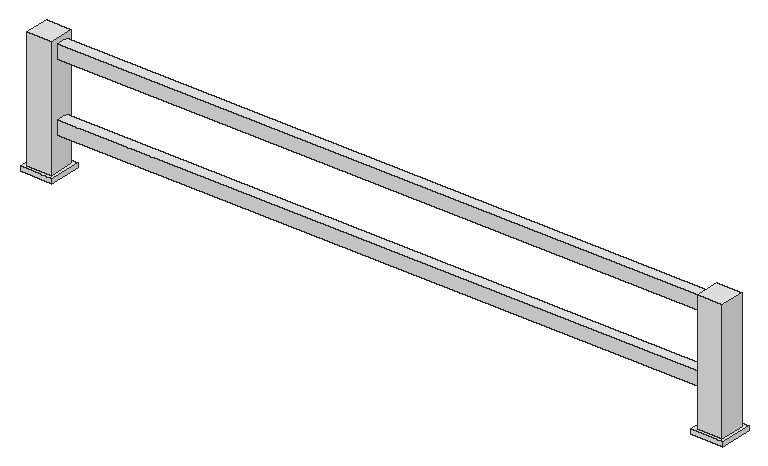
Revit family "Towel Rail-Double-Caroma Quatro", category Specialty Equipment, host Face, Revit 2013
Parameters (values of type "Double Towel Rail-600mm")
  URL = "http://www.caroma.com.au/"
  Type Comments = if(Size = 1, "Caroma Quatro Double Towel Rail 600mm", "Caroma Quatro Double Towel Rail 900mm")  # "Caroma Quatro Double Towel Rail 600mm"
  Size = 1
  ModifiedIssue_ANZRS = 1  # constant formula
  Model = if(Size = 1, "90728C", "90730C")  # "90728C"
  Material_ANZRS = Metal-Chrome-Caroma
  Manufacturer = "GWA Bathrooms & Kitchens"  # constant formula
  Length_ANZRS = if(Size = 1, 592 mm, 892 mm)  # 592 mm
  Description = ""
  Default Elevation = 900 mm
  CreatedBy_ANZRS = "Design Content"  # constant formula
  CreatedByURL_ANZRS = "www.designcontent.com.au"
  Cost = 0
  Assembly Code = "C1030200"
Types (3, lengths in mm): name | Type Comments | Size | Model | Length_ANZRS
  (no name) | "Caroma Quatro Double Towel Rail 600mm" | 1 | "90728C" | 592
  Double Towel Rail-600mm | "Caroma Quatro Double Towel Rail 600mm" | 1 | "90728C" | 592
  Double Towel Rail-900mm | "Caroma Quatro Double Towel Rail 900mm" | 2 | "90730C" | 892
Reference planes
  plane 1 "Center (Elevation)": y = 0
  plane 2 "Back": z = 0
  plane 3 "Center (Left/Right)": x = 0
  plane 4 "Left": x = -296
  plane 5 "Right": x = 296
  plane 6 "Top": y = 13.966
  plane 7 "Bottom": y = -14
  plane 8 "Front": z = 109.5
Forms (mm)
  Extrusion 1, solid, material "Metal-Chrome-Caroma" <- "Material_ANZRS"
    sketch origin (0, 0, 0) x (0, 1, 0) y (0, 0, 1)
      loop
        line (5, 105.5) -> (-5, 105.5) -> (-5, 93.5) -> (5, 93.5) -> (5, 105.5)
      loop
        line (5, 45.5) -> (-5, 45.5) -> (-5, 33.5) -> (5, 33.5) -> (5, 45.5)
    from -296 to 296
  Extrusion 2, solid, material "Metal-Chrome-Caroma" <- "Material_ANZRS"
    sketch origin (0, 0, 0) x (1, 0, 0) y (0, 1, 0)
      loop
        line (-310, 13.966) -> (-310, -14) -> (-282, -14) -> (-282, 13.966) -> (-310, 13.966)
      loop
        line (310, 13.966) -> (282, 13.966) -> (282, -14) -> (310, -14) -> (310, 13.966)
    from 0 to 4
  Extrusion 3, solid, material "Metal-Chrome-Caroma" <- "Material_ANZRS"
    sketch origin (0, 0, 0) x (1, 0, 0) y (0, 1, 0)
      loop
        line (-307, 10.966) -> (-307, -11) -> (-285, -11) -> (-285, 10.966) -> (-307, 10.966)
      loop
        line (307, 10.966) -> (285, 10.966) -> (285, -11) -> (307, -11) -> (307, 10.966)
    from 4 to 109.5
Cuts and joins
  joined: Extrusion 1, Extrusion 2, Extrusion 3
Dimensions and locks
  "Length_ANZRS": plane 4 "Left" to plane 5 "Right"
  equal spacing: plane 4 "Left", plane 3 "Center (Left/Right)", plane 5 "Right"
  Extrusion 2 sketch curve to plane 4 "Left" to Extrusion 2 sketch curve = 14 mm locked, 14 mm locked
  Extrusion 2 sketch curve to plane 5 "Right" to Extrusion 2 sketch curve = 14 mm locked, 14 mm locked
  Extrusion 3 sketch curve to plane 4 "Left" to Extrusion 3 sketch curve = 11 mm locked, 11 mm locked
  Extrusion 3 sketch curve to plane 5 "Right" to Extrusion 3 sketch curve = 11 mm locked, 11 mm locked
  aligned and locked: plane 2 "Back" to host face
  aligned and locked: level to host face
  aligned and locked: Extrusion 1 to plane 4 "Left"
  aligned and locked: plane 5 "Right" to Extrusion 1
  aligned and locked: Extrusion 2 sketch curve to plane 7 "Bottom"
  aligned and locked: plane 6 "Top" to Extrusion 2 sketch curve
Automatic sketch dimensions
  host sketch curve to host sketch curve = 2438.4 mm  (x2)
  plane 7 "Bottom" to Extrusion 2 sketch curve = 0 mm
  plane 6 "Top" to Extrusion 2 sketch curve = 0 mm
  Extrusion 3 sketch curve to plane 7 "Bottom" = 3 mm  (x2)
  plane 6 "Top" to Extrusion 3 sketch curve = 3 mm  (x2)
  plane 1 "Center (Elevation)" to Extrusion 1 sketch curve = 5 mm  (x2)
  Extrusion 1 sketch curve to plane 1 "Center (Elevation)" = 5 mm  (x2)
  level to Extrusion 1 sketch curve = 33.5 mm
  Extrusion 1 sketch curve to Extrusion 1 sketch curve = 12 mm
  Extrusion 1 sketch curve to plane 8 "Front" = 16 mm
  Extrusion 1 sketch curve to plane 8 "Front" = 4 mm
